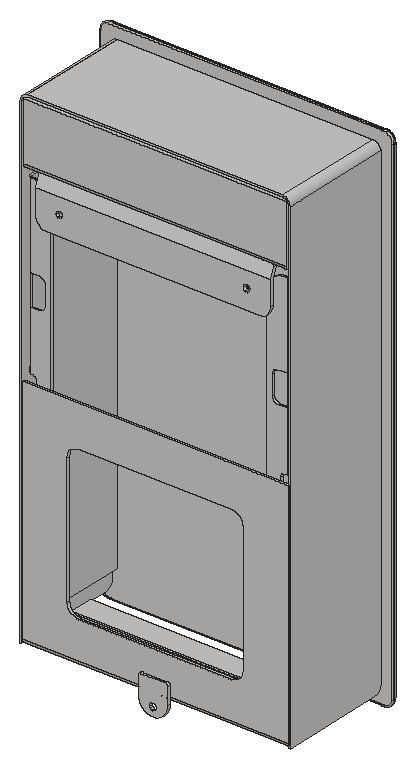
Revit family "DAN DRYER 4110", category Casework, host Wall, Revit 2018
Family settings
  Host = Wall
  OmniClass Number = 23.40.35.00
  OmniClass Title = Casework
  Always vertical = Yes
  Cut with Voids When Loaded = No
  Shared = No
  Room Calculation Point = No
Parameters (values of type "Type 1")
  URL = "https://www.dandryer.com/en-us/products/product-line-loki/4110-loki-sanitary-bin-11-l-stainless-steel"
  Model = "DAN DRYER Hygiejnespand 11 L 4110"
  Manufacturer = "DAN DRYER A/S"
Reference planes
  plane 1: y = 0
  plane 2 "Center (Left/Right)": x = 125
  plane 3 "Back": y = 75
Text (mm)
  text "Placement side" at (-1343.702, 674.496, 0), in view "Ref. Level"
  text "Placement side" at (0, 1232.041, 2958.779), in view "Left"
  text "Placement side" at (0, 590.385, 3035.99), in view "Right"
Dimensions and locks
  locked: plane 3 "Back" to host wall at 0
  aligned and locked: plane 1 to host wall
  aligned and locked: nested 1 to plane 2 "Center (Left/Right)"
  aligned and locked: plane 3 "Back" to nested 1
Nested families
  nested 1: "DAN DRYER 4110" at (125, 77, 500) x (-1, 0, 0) z (0, 0, 1), type "DAN DRYER 4110-LOKI"
Definition of nested family "DAN DRYER 4110"
  Parameters (values of type "DAN DRYER 4110-LOKI")
    Width = 490.818 mm
    Shield = none
    Height = 1284.266 mm
    Depth = 313.871 mm
    Backplate = none
  Reference planes
    plane 1 "Center (Front/Back)": y = 0
    plane 2: z = 0
    plane 3 "Center (Left/Right)": x = 0
    plane 4: z = -28.007
  Forms (mm)
    Extrusion 1, solid, material <- "Shield"
      sketch origin (0, 0, 0) x (1, 0, 0) y (0, 0, 1)
        loop
          line (115, -210) -> (115, 203.5)
          arc (115, 203.5) -> (113.096, 208.096) -> (108.5, 210) r 6.5
          line (108.5, 210) -> (-108.5, 210)
          arc (-108.5, 210) -> (-113.096, 208.096) -> (-115, 203.5) r 6.5
          line (-115, 203.5) -> (-115, -210) -> (-113.5, -210) -> (-113.5, 203.5)
          arc (-113.5, 203.5) -> (-112.036, 207.036) -> (-108.5, 208.5) r 5
          line (-108.5, 208.5) -> (108.5, 208.5)
          arc (108.5, 208.5) -> (112.036, 207.036) -> (113.5, 203.5) r 5
          line (113.5, 203.5) -> (113.5, -210) -> (115, -210)
      from 0 to 96
    Extrusion 2, void
      sketch origin (0, 0, 0) x (0, 1, 0) y (0, 0, 1)
        loop
          line (-96.943, -203) -> (-96.943, -213.536) -> (-89, -213.536) -> (-89, -210)
          arc (-89, -210) -> (-93.95, -207.95) -> (-96, -203) r 7
          line (-96, -203) -> (-96.943, -203)
      from -116.887 to 116.939
    Extrusion 3, solid, material <- "Backplate"
      sketch origin (0, 0, 0) x (0, 1, 0) y (0, 0, 1)
        loop
          line (0, -10) -> (-2, -10) -> (-2, -207)
          arc (-2, -207) -> (-2.293, -207.707) -> (-3, -208) r 1
          line (-3, -208) -> (-72, -208) -> (-72, -210) -> (-3, -210)
          arc (-3, -210) -> (-0.879, -209.121) -> (0, -207) r 3
          line (0, -207) -> (0, -10)
      from -113.5 to 113.5
    Extrusion 4, void
      sketch origin (0, 0, 0) x (1, 0, 0) y (0, 0, 1)
        loop
          line (65, -45) -> (-65, -45)
          arc (-65, -45) -> (-72.071, -47.929) -> (-75, -55) r 10
          line (-75, -55) -> (-75, -165)
          arc (-75, -165) -> (-72.071, -172.071) -> (-65, -175) r 10
          line (-65, -175) -> (65, -175)
          arc (65, -175) -> (72.071, -172.071) -> (75, -165) r 10
          line (75, -165) -> (75, -55)
          arc (75, -55) -> (72.071, -47.929) -> (65, -45) r 10
      from 0 to 2
    Extrusion 5, solid, material <- "Backplate"
      sketch origin (0, 0, 0) x (1, 0, 0) y (0, 1, 0)
        loop
          line (-110.5, -6.443) -> (-109.5, -5.443) -> (109.5, -5.443) -> (110.5, -6.443) -> (110.5, -96.943) -> (112, -96.943) -> (112, -6.443) -> (109.5, -3.943) -> (-109.5, -3.943) -> (-112, -6.443) -> (-112, -96.943) -> (-110.5, -96.943) -> (-110.5, -6.443)
      from -195 to 145
    Extrusion 6, void
      sketch origin (0, 0, 0) x (1, 0, 0) y (0, 0, 1)
        loop
          arc (-106.929, 145) -> (-96.323, 140.607) -> (-91.929, 130) r 15
          line (-91.929, 130) -> (-91.929, -175) -> (92, -175) -> (92, 130)
          arc (92, 130) -> (96.393, 140.607) -> (107, 145) r 15
          line (107, 145) -> (-106.929, 145)
        loop
          arc (-101.656, 45.941) -> (-98.12, 47.405) -> (-96.656, 50.941) r 5
          line (-96.656, 50.941) -> (-96.656, 67.513)
          arc (-96.656, 67.513) -> (-98.12, 71.049) -> (-101.656, 72.513) r 5
          line (-101.656, 72.513) -> (-109.5, 72.513) -> (-109.5, 45.941) -> (-101.656, 45.941)
        loop
          line (101.656, 45.941) -> (109.5, 45.941) -> (109.5, 72.513) -> (101.656, 72.513)
          arc (101.656, 72.513) -> (98.12, 71.049) -> (96.656, 67.513) r 5
          line (96.656, 67.513) -> (96.656, 50.941)
          arc (96.656, 50.941) -> (98.12, 47.405) -> (101.656, 45.941) r 5
        loop
          arc (-104, -8) -> (-104.879, -5.879) -> (-107, -5) r 3
          line (-107, -5) -> (-112, -5) -> (-112, -45) -> (-107, -45)
          arc (-107, -45) -> (-104.879, -44.121) -> (-104, -42) r 3
          line (-104, -42) -> (-104, -8)
        loop
          line (104, -8) -> (104, -42)
          arc (104, -42) -> (104.879, -44.121) -> (107, -45) r 3
          line (107, -45) -> (112, -45) -> (112, -5) -> (107, -5)
          arc (107, -5) -> (104.879, -5.879) -> (104, -8) r 3
      from 0 to 26.932
    Extrusion 7, solid, material <- "Backplate"
      sketch origin (0, 0, 0) x (0, 1, 0) y (0, 0, 1)
        loop
          arc (-2.5, 207) -> (-1.793, 206.707) -> (-1.5, 206) r 1
          line (-1.5, 206) -> (-1.5, 156)
          arc (-1.5, 156) -> (-1.793, 155.293) -> (-2.5, 155) r 1
          line (-2.5, 155) -> (-12, 155) -> (-12, 153.5) -> (-2.5, 153.5)
          arc (-2.5, 153.5) -> (-0.732, 154.232) -> (0, 156) r 2.5
          line (0, 156) -> (0, 206)
          arc (0, 206) -> (-0.732, 207.768) -> (-2.5, 208.5) r 2.5
          line (-2.5, 208.5) -> (-12, 208.5) -> (-12, 207) -> (-2.5, 207)
      from -111.679 to 111.75
    Extrusion 8, solid, material <- "Backplate"
      sketch origin (0, 0, 0) x (0, 1, 0) y (0, 0, 1)
        loop
          line (2, 112.598) -> (2, 142.951) -> (-1.9, 153.666) -> (-1.9, 169.313) -> (-3.9, 169.313) -> (-3.9, 153.313) -> (0, 142.598) -> (0, 112.598) -> (2, 112.598)
      from -100 to 100
    Extrusion 9, void
      sketch origin (0, 0, 0) x (1, 0, 0) y (0, 0, 1)
        loop
          line (-102.12, 110.775) -> (102.88, 110.775) -> (102.88, 170.775) -> (-102.12, 170.775) -> (-102.12, 110.775)
        loop
          arc (-100, 122.598) -> (-97.071, 115.527) -> (-90, 112.598) r 10
          line (-90, 112.598) -> (90, 112.598)
          arc (90, 112.598) -> (97.071, 115.527) -> (100, 122.598) r 10
          line (100, 122.598) -> (100, 151.621)
          arc (100, 151.621) -> (99.45, 152.95) -> (98.121, 153.5) r 1.879
          line (98.121, 153.5) -> (90, 153.5) -> (90, 159.313)
          arc (90, 159.313) -> (87.071, 166.384) -> (80, 169.313) r 10
          line (80, 169.313) -> (60, 169.313)
          arc (60, 169.313) -> (52.929, 166.384) -> (50, 159.313) r 10
          line (50, 159.313) -> (50, 153.5) -> (-50, 153.5) -> (-50, 159.313)
          arc (-50, 159.313) -> (-52.929, 166.384) -> (-60, 169.313) r 10
          line (-60, 169.313) -> (-80, 169.313)
          arc (-80, 169.313) -> (-87.071, 166.384) -> (-90, 159.313) r 10
          line (-90, 159.313) -> (-90, 153.5) -> (-98.121, 153.5)
          arc (-98.121, 153.5) -> (-99.45, 152.95) -> (-100, 151.621) r 1.879
          line (-100, 151.621) -> (-100, 122.598)
        loop
          circle (-79.787, 129.484) r 2.981
        loop
          circle (79.787, 129.484) r 2.981
      from -4.385 to 8.214
    Extrusion 10, solid, material <- "Backplate"
      sketch origin (0, 0, 0) x (1, 0, 0) y (0, 0, 1)
        loop
          line (10.5, -196) -> (-10.5, -196)
          arc (-10.5, -196) -> (-11.914, -196.586) -> (-12.5, -198) r 2
          line (-12.5, -198) -> (-12.5, -213)
          arc (-12.5, -213) -> (0, -225.5) -> (12.5, -213) r 12.5
          line (12.5, -213) -> (12.5, -198)
          arc (12.5, -198) -> (11.914, -196.586) -> (10.5, -196) r 2
        loop
          circle (0, -217.939) r 2.974
      from -2 to 0
  Cuts and joins
    Extrusion 2 cuts Extrusion 1
    Extrusion 4 cuts Extrusion 3
    Extrusion 6 cuts Extrusion 5
    Extrusion 9 cuts Extrusion 8
  Dimensions and locks
    aligned and locked: level to plane 2
    aligned and locked: plane 3 "Center (Left/Right)" to nested 1
  Nested families
    nested 1: "Shield" at (0, -96.943, 0), type "Shield"
      with Width 250 mm, Insert visible no, Height 440 mm, Grove offset bottom 275 mm
  Definition of nested family "Shield"
    Parameters (values of type "Shield")
      Width = 131 mm
      Shield = none
      Insert visible = yes
      Insert = none
      Height = 300 mm
      Grove offset bottom = 24 mm
      Grove length = 136 mm
      Fillet = 8 mm
    Reference planes
      plane 1 "Center (Front/Back)": y = 0
      plane 2: z = 0
      plane 3 "Center (Left/Right)": x = 0
      plane 4: z = 150
      plane 5: z = -150
      plane 6: x = 65.5
      plane 7: x = -65.5
      plane 8: z = -126
      plane 9: z = 10
      plane 10: z = -129
      plane 11: z = 13
      plane 12: z = 17.7
    Forms (mm)
      Extrusion 1, solid, material <- "Shield"
        sketch origin (0, 0, 0) x (1, 0, 0) y (0, 0, 1)
          loop
            arc (-57.5, 150) -> (-63.157, 147.657) -> (-65.5, 142) r 8
            line (-65.5, 142) -> (-65.5, -142)
            arc (-65.5, -142) -> (-63.157, -147.657) -> (-57.5, -150) r 8
            line (-57.5, -150) -> (57.5, -150)
            arc (57.5, -150) -> (63.157, -147.657) -> (65.5, -142) r 8
            line (65.5, -142) -> (65.5, 142)
            arc (65.5, 142) -> (63.157, 147.657) -> (57.5, 150) r 8
            line (57.5, 150) -> (-57.5, 150)
          loop
            arc (-2.15, -126) -> (0, -128.15) -> (2.15, -126) r 2.15
            line (2.15, -126) -> (2.15, 10)
            arc (2.15, 10) -> (0, 12.15) -> (-2.15, 10) r 2.15
            line (-2.15, 10) -> (-2.15, -126)
        from 0 to 3
      Sweep 2, void
        path in 3D
          loop
            arc (-57.5, -3, 150) -> (-63.157, -3, 147.657) -> (-65.5, -3, 142) r 8
            line (-65.5, -3, 142) -> (-65.5, -3, -142)
            arc (-65.5, -3, -142) -> (-63.157, -3, -147.657) -> (-57.5, -3, -150) r 8
            line (-57.5, -3, -150) -> (57.5, -3, -150)
            arc (57.5, -3, -150) -> (63.157, -3, -147.657) -> (65.5, -3, -142) r 8
            line (65.5, -3, -142) -> (65.5, -3, 142)
            arc (65.5, -3, 142) -> (63.157, -3, 147.657) -> (57.5, -3, 150) r 8
            line (57.5, -3, 150) -> (-57.5, -3, 150)
        profile origin (0, -3, 150) x (0, -1, 0) y (0, 0, 1)
          loop
            line (0, 0) -> (-1, 0)
            arc (-1, 0) -> (-0.293, -0.293) -> (0, -1) r 1
            line (0, -1) -> (0, 0)
          loop
            line (-3, 0) -> (-3, -1)
            arc (-3, -1) -> (-2.707, -0.293) -> (-2, 0) r 1
            line (-2, 0) -> (-3, 0)
      Extrusion 3, solid, material <- "Insert", visible <- "Insert visible"
        sketch origin (0, 95.437, 0) x (1, 0, 0) y (0, 1, 0)
          loop
            line (-6.9, -94.3) -> (-6.9, -95.437) -> (6.9, -95.437) -> (6.9, -94.3) -> (-6.9, -94.3)
        from -129 to 13
      Extrusion 4, solid, material <- "Insert", visible <- "Insert visible"
        sketch origin (0, 95.437, 0) x (1, 0, 0) y (0, 1, 0)
          loop
            circle (0, -91.751) r 3.489
          loop
            circle (0, -91.751) r 2.544
        from -129 to 17.7
      Extrusion 5, solid, material <- "Insert", visible <- "Insert visible"
        sketch origin (0, 0, 0) x (1, 0, 0) y (0, 0, 1)
          loop
            arc (-1.9, -126) -> (0, -127.9) -> (1.9, -126) r 1.9
            line (1.9, -126) -> (1.9, 10)
            arc (1.9, 10) -> (0, 11.9) -> (-1.9, 10) r 1.9
            line (-1.9, 10) -> (-1.9, -126)
        from 0 to 2.5
    Cuts and joins
      Sweep 2 cuts Extrusion 1
      joined: Extrusion 3, Extrusion 4
    Lines and regions (mm)
      sketch lines
        curve 1: line (57.5, -3, 150) -> (-57.5, -3, 150)
        curve 2: arc (57.5, -3, 150) -> (63.157, -3, 147.657) -> (65.5, -3, 142) r 8
        curve 3: line (65.5, -3, -142) -> (65.5, -3, 142)
        curve 4: arc (-65.5, -3, 142) -> (-63.157, -3, 147.657) -> (-57.5, -3, 150) r 8
        curve 5: line (-65.5, -3, 142) -> (-65.5, -3, -142)
        curve 6: arc (-57.5, -3, -150) -> (-63.157, -3, -147.657) -> (-65.5, -3, -142) r 8
        curve 7: line (-57.5, -3, -150) -> (57.5, -3, -150)
        curve 8: arc (65.5, -3, -142) -> (63.157, -3, -147.657) -> (57.5, -3, -150) r 8
    Dimensions and locks
      equal spacing: plane 4, level, plane 5
      "Height": plane 4 to plane 5
      equal spacing: plane 6, plane 3 "Center (Left/Right)", plane 7
      "Width": plane 6 to plane 7
      "Grove length": plane 9 to plane 8
      "Grove offset bottom": plane 8 to plane 5
      locked: plane 10 to plane 8 at 3
      locked: plane 9 to plane 11 at 3
      locked: plane 11 to plane 12 at 4.7
      "Fillet": radius of Extrusion 1 sketch curve  (x4)
      aligned and locked: level to plane 2
      aligned and locked: Extrusion 1 sketch curve to plane 6
      aligned and locked: plane 7 to Extrusion 1 sketch curve
      aligned and locked: plane 5 to Extrusion 1 sketch curve
      aligned and locked: Extrusion 1 sketch curve to plane 4
      aligned and locked: Extrusion 3 to plane 10
      aligned and locked: Extrusion 3 to plane 11
      aligned and locked: Extrusion 4 to plane 10
      aligned and locked: Extrusion 4 to plane 12
    Automatic sketch dimensions
      Sweep 2 sketch curve to profile plane = 0 mm  (x3)
      profile plane to Sweep 2 sketch curve = 1 mm
      Sweep 2 sketch curve to Sweep 2 sketch curve = 1 mm  (x2)
      Extrusion 3 sketch curve to plane 3 "Center (Left/Right)" = 6.9 mm
      plane 3 "Center (Left/Right)" to Extrusion 3 sketch curve = 6.9 mm
      plane 1 "Center (Front/Back)" to Extrusion 3 sketch curve = 0 mm
      Extrusion 3 sketch curve to Extrusion 3 sketch curve = 1.137 mm
      Extrusion 4 sketch curve to Extrusion 4 sketch curve = 0 mm  (x2)
      Extrusion 4 sketch curve to plane 3 "Center (Left/Right)" = 0 mm
      Extrusion 4 sketch curve to plane 1 "Center (Front/Back)" = 3.686 mm
      Extrusion 5 sketch curve to plane 9 = 0 mm
      Extrusion 5 sketch curve to plane 8 = 0 mm
      Extrusion 5 sketch curve to plane 3 "Center (Left/Right)" = 0 mm
      Extrusion 5 sketch curve to plane 3 "Center (Left/Right)" = 1.9 mm
      Extrusion 1 sketch curve to plane 9 = 0 mm
      Extrusion 1 sketch curve to plane 8 = 0 mm
      Extrusion 1 sketch curve to plane 3 "Center (Left/Right)" = 0 mm
      Extrusion 1 sketch curve to Extrusion 1 sketch curve = 2.15 mm
      radius of Extrusion 4 sketch curve = 2.544 mm
      radius of Extrusion 4 sketch curve = 3.489 mm
